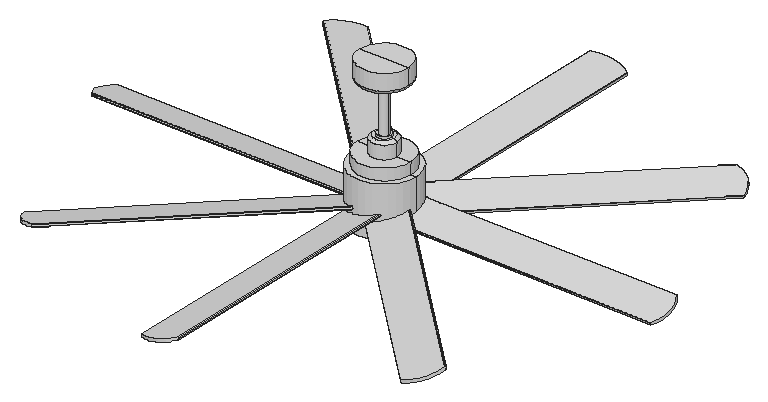
Revit family "3-100-xx - Cosmo (Ceiling Fan)", category Lighting Fixtures, host Ceiling, Revit 2018
Family settings
  Host = Ceiling
  Round Connector Dimension = Use Diameter
  Part Type = Normal
  OmniClass Number = 23.80.70.11
  OmniClass Title = Luminaries for Internal Lighting
  Always vertical = Yes
  Cut with Voids When Loaded = No
  Light Source = Yes
  Shared = No
  Room Calculation Point = No
Parameters (values of type "3-100-06 - Cosmo")
  Wattage Comments = ""
  URL = "www.oxygenlighting.com"
  Type Comments = "LED Lighting Fixture"
  Note [instance] = "4in - 6in - 12in - 18in or 24in Downrod"  # constant formula
  Model = "3-100-xx - Cosmo"  # constant formula
  Metal Finish = Oxygen Lighting - Metal Finish - 06 - White
  Manufacturer = "Oxygen Lighting"
  Light Source Symbol Size = 24.00"
  Keynote = "LED array lamp"
  Input Voltage = "120 V 50/60 Hz"  # constant formula
  Wattage = 9.19258 W
  built-in parameter 1150110 = 1 (stored number, unit not read)
  built-in parameter 1114217 = 1 (stored number, unit not read)
  built-in parameter 1150109 = 1 (stored number, unit not read)
  built-in parameter 1150134 = (empty or 0)
  built-in parameter 1150113 = 1 (stored number, unit not read)
  Lumens = 1200 lm
  built-in parameter 1150115 = 1 (stored number, unit not read)
  built-in parameter 1150105 = 381.97 (stored number, unit not read)
  built-in parameter 1150137 = (empty or 0)
  built-in parameter 1150139 = (empty or 0)
  built-in parameter 1150112 = 1 (stored number, unit not read)
  built-in parameter 1150114 = 1 (stored number, unit not read)
  Lamp = "LED Array"  # constant formula
  built-in parameter 1150132 = 2
  built-in parameter 1150102 = (empty or 0)
  built-in parameter 1150138 = (empty or 0)
  built-in parameter 1150107 = 3000 (stored number, unit not read)
  built-in parameter 1150106 = 3.8197 (stored number, unit not read)
  Emit from Circle Diameter = 8.00"
  Emit Shape Visible in Rendering = no
  built-in parameter 1150104 = 12.128 (stored number, unit not read)
  Downrod Lenght [instance] = 6.00"
  Dimming Lamp Color Temperature Shift = <None>
  Diffuser = Oxygen Lighting - Diffuser - Matte White Acrylic
  Description = "--"
  Cost = 0
  Color Filter = 16777215
  built-in parameter 1114218 = 1 (stored number, unit not read)
  built-in parameter 1150133 = 10 (stored number, unit not read)
  Assembly Code = "--"
Types (9): name | Metal Finish | Wattage | Lumens | built-in parameter 1150105 | built-in parameter 1150106 | Diffuser
  (no name) | Oxygen Lighting - Metal Finish - 06 - White | 9.19258 W | 1200 lm | 381.97 (stored number, unit not read) | 3.8197 (stored number, unit not read) | Oxygen Lighting - Diffuser - Matte White Acrylic
  3-100-20 - Cosmo | Oxygen Lighting - Metal Finish - 20 - Polished Nickel | 9.19258 W | 1200 lm | 381.97 (stored number, unit not read) | 3.8197 (stored number, unit not read) | Oxygen Lighting - Diffuser - Matte White Acrylic
  3-100-22 - Cosmo | Oxygen Lighting - Metal Finish - 22 - Oiled Bronze | 9.19258 W | 1200 lm | 381.97 (stored number, unit not read) | 3.8197 (stored number, unit not read) | Oxygen Lighting - Diffuser - Matte White Acrylic
  3-100-24 - Cosmo | Oxygen Lighting - Metal Finish - 24 - Satin Nickel | 9.19258 W | 1200 lm | 381.97 (stored number, unit not read) | 3.8197 (stored number, unit not read) | Oxygen Lighting - Diffuser - Matte White Acrylic
  3-100-06 - Cosmo | Oxygen Lighting - Metal Finish - 06 - White | 9.19258 W | 1200 lm | 381.97 (stored number, unit not read) | 3.8197 (stored number, unit not read) | Oxygen Lighting - Diffuser - Matte White Acrylic
  3-100-06 - Cosmo (Without light kit) | Oxygen Lighting - Metal Finish - 06 - White | 0 W | 0 lm | (empty or 0) | (empty or 0) | Oxygen Lighting - Metal Finish - 06 - White
  3-100-20 - Cosmo (Without light kit) | Oxygen Lighting - Metal Finish - 20 - Polished Nickel | 0 W | 0 lm | (empty or 0) | (empty or 0) | Oxygen Lighting - Metal Finish - 20 - Polished Nickel
  3-100-22 - Cosmo (Without light kit) | Oxygen Lighting - Metal Finish - 22 - Oiled Bronze | 0 W | 0 lm | (empty or 0) | (empty or 0) | Oxygen Lighting - Metal Finish - 22 - Oiled Bronze
  3-100-24 - Cosmo (Without light kit) | Oxygen Lighting - Metal Finish - 24 - Satin Nickel | 9.19258 W | 1200 lm | 381.97 (stored number, unit not read) | 3.8197 (stored number, unit not read) | Oxygen Lighting - Metal Finish - 24 - Satin Nickel
Reference planes (in)
  plane 1 "Light Source Axis (F/B)": y = 0
  plane 2 "Ceiling": z = 96
  plane 3 "Light Source Axis (L/R)": x = 0
  plane 4 "Light Source Elevation": z = 77.79528
  plane 5: z = 93.79528
  plane 6: z = 87.79528
Forms (in)
  Revolve 1, solid, material "Oxygen Lighting - Metal Finish - 06 - White" <- "Metal Finish"
    sketch origin (0, 0, 0) x (1, 0, 0) y (0, 0, 1)
      loop
        line (-2.99213, 96) -> (-2.99213, 94.04528)
        arc (-2.99213, 94.04528) -> (-2.9189, 93.8685) -> (-2.74213, 93.79528) r 0.25
        line (-2.74213, 93.79528) -> (-1.33858, 93.79528) -> (-1.33858, 93.69122)
        arc (-1.33858, 93.69122) -> (-1.31717, 93.63952) -> (-1.26547, 93.61811) r 0.07311
        line (-1.26547, 93.61811) -> (0, 93.61811) -> (0, 96) -> (-2.99213, 96)
      axis (0, 96) -> (0, 93.61811)
    angle from 0 to 360
  Revolve 2, solid, material "Oxygen Lighting - Metal Finish - 06 - White" <- "Metal Finish"
    sketch origin (0, 0, 0) x (1, 0, 0) y (0, 0, 1)
      loop
        line (-0.54113, 87.79528) -> (0, 87.79528) -> (0, 93.79528) -> (-0.54113, 93.79528) -> (-0.54113, 87.79528)
      axis (0, 93.79528) -> (0, 87.79528)
    angle from 0 to 360
Dimensions and locks (in)
  equal spacing: host sketch curve, plane 3 "Light Source Axis (L/R)", host sketch curve
  equal spacing: host sketch curve, plane 1 "Light Source Axis (F/B)", host sketch curve
  host sketch curve to host sketch curve = 120.00"  (x2)
  Revolve 1 sketch curve to Revolve 1 sketch curve = 2.99213"
  locked: plane 2 "Ceiling" to plane 5 at 2.20472
  "Downrod Lenght": plane 5 to plane 6
  locked: plane 4 "Light Source Elevation" to plane 6 at 10
  aligned and locked: plane 3 "Light Source Axis (L/R)" to imposter light
  aligned and locked: plane 1 "Light Source Axis (F/B)" to imposter light
  aligned and locked: plane 4 "Light Source Elevation" to imposter light
  aligned and locked: plane 5 to Revolve 1
  aligned and locked: plane 3 "Light Source Axis (L/R)" to Revolve 2 sketch curve
  aligned and locked: Revolve 2 sketch curve to Revolve 2 sketch curve
  aligned and locked: plane 5 to Revolve 2 sketch curve
  aligned and locked: Revolve 2 to plane 6
  aligned and locked: nested 1 to plane 6
Automatic sketch dimensions
  Revolve 2 sketch curve to plane 6 = 0.00"
  Revolve 2 sketch curve to Revolve 2 sketch curve = 0.54113"
  Revolve 2 sketch curve to plane 6 = 8.00"
  Revolve 2 sketch curve to plane 5 = 0.75"
  Revolve 1 sketch curve to plane 2 "Ceiling" = 0.00"
  Revolve 1 sketch curve to plane 5 = 0.00"
  Revolve 1 sketch curve to plane 3 "Light Source Axis (L/R)" = 0.00"  (x2)
  Revolve 1 sketch curve to Revolve 1 sketch curve = 0.25"
  Revolve 1 sketch curve to plane 3 "Light Source Axis (L/R)" = 1.33858"
  Revolve 1 sketch curve to Revolve 1 sketch curve = 0.07311"
  Revolve 1 sketch curve to plane 5 = 0.10405"
  Revolve 1 sketch curve to Revolve 1 sketch curve = 3.61811"
  plane 2 "Ceiling" to Revolve 1 sketch curve = 2.75"
Nested families (in)
  nested 1: "Body Cosmo" at (0, 0, 4), type "Body Cosmo"
Definition of nested family "Body Cosmo"
  Parameters (values of type "Body Cosmo")
    Metal Finish = none
    Diffuser = none
  Reference planes (in)
    plane 1 "Center (Front/Back)": y = 0
    plane 2: z = 0
    plane 3 "Center (Left/Right)": x = 0
  Forms (in)
    Revolve 1, solid, material <- "Metal Finish"
      sketch origin (0, 0, 4.26795) x (1, 0, 0) y (0, 0, 1)
        loop
          line (0, 79.52732) -> (-0.8248, 79.52732) -> (-0.8248, 79.37758) -> (-1.2461, 79.37758) -> (-1.5748, 79.04888) -> (-1.5748, 77.48782) -> (-3.26772, 77.48782) -> (-3.26772, 76.10986) -> (-3.93701, 76.10986) -> (-3.93701, 70.0075) -> (0, 70.0075) -> (0, 79.52732)
        axis (0, 79.52732) -> (0, 70.0075)
      angle from 0 to 360
    Revolve 2, void
      sketch origin (-0.14794, 0, 2.17944) x (1, 0, 0) y (0, 0, 1)
        loop
          line (0.14794, 72.72048) -> (-2.60206, 72.72048) -> (-2.60206, 71.22997) -> (0.14794, 71.22997) -> (0.14794, 72.72048)
        axis (0.14794, 72.72048) -> (0.14794, 71.22997)
      angle from 0 to 360
    Revolve 3, solid, material <- "Diffuser"
      sketch origin (0, 0, 0) x (1, 0, 0) y (0, 0, 1)
        loop
          line (0, 74.36857) -> (-3.25, 74.36857) -> (-3.25, 74.20754)
          arc (-3.25, 74.20754) -> (-3.19152, 74.06635) -> (-3.05032, 74.00786) r 0.19968
          line (-3.05032, 74.00786) -> (0, 74.00786) -> (0, 74.36857)
        axis (0, 74.36857) -> (0, 74.00786)
      angle from 0 to 360
    Extrusion 4, solid, material <- "Metal Finish"
      sketch origin (0.17905, 0, 76.21815) x (-0.970296, 0, 0.241922) y (0, -1, 0)
        loop
          line (2.42192, -3.13274) -> (-2.06627, -3.13274) -> (-2.06627, -34.3575)
          arc (-2.06627, -34.3575) -> (0.21618, -34.99413) -> (2.42192, -34.12832) r 3.73231
          line (2.42192, -34.12832) -> (2.42192, -3.13274)
      from 0 to 0.31641
    Extrusion 5, void
      sketch origin (0, 0, 75.5) x (1, 0, 0) y (0, 0, 1)
        loop
          line (-2.13906, 1.5395) -> (-1.94672, 1.63332) -> (-2.10578, 1.67298) -> (-2.13906, 1.5395)
        loop
          line (2.26635, 0.44111) -> (2.29963, 0.57458) -> (2.14056, 0.61424) -> (2.26635, 0.44111)
        loop
          line (-2.17678, 1.38823) -> (-2.21006, 1.25475) -> (-2.05099, 1.21509) -> (-2.17678, 1.38823)
        loop
          line (2.22864, 0.28983) -> (2.03629, 0.19602) -> (2.19536, 0.15636) -> (2.22864, 0.28983)
      from -35.99284 to -3.13274
    Extrusion 6, solid, material <- "Metal Finish"
      sketch origin (0.12661, -0.12661, 76.21815) x (-0.686103, 0.686103, 0.241922) y (-0.707107, -0.707107, 0)
        loop
          line (2.42192, -3.13274) -> (-2.06627, -3.13274) -> (-2.06627, -34.3575)
          arc (-2.06627, -34.3575) -> (0.21618, -34.99413) -> (2.42192, -34.12832) r 3.73231
          line (2.42192, -34.12832) -> (2.42192, -3.13274)
      from 0 to 0.31641
    Extrusion 7, void
      sketch origin (0, 0, 75.5) x (0.707107, -0.707107, 0) y (0, 0, 1)
        loop
          line (-2.13906, 1.5395) -> (-1.94672, 1.63332) -> (-2.10578, 1.67298) -> (-2.13906, 1.5395)
        loop
          line (2.26635, 0.44111) -> (2.29963, 0.57458) -> (2.14056, 0.61424) -> (2.26635, 0.44111)
        loop
          line (-2.17678, 1.38823) -> (-2.21006, 1.25475) -> (-2.05099, 1.21509) -> (-2.17678, 1.38823)
        loop
          line (2.22864, 0.28983) -> (2.03629, 0.19602) -> (2.19536, 0.15636) -> (2.22864, 0.28983)
      from -35.99284 to -3.13274
    Extrusion 8, solid, material <- "Metal Finish"
      sketch origin (0.12661, 0.12661, 76.21815) x (-0.686103, -0.686103, 0.241922) y (0.707107, -0.707107, 0)
        loop
          line (2.42192, -3.13274) -> (-2.06627, -3.13274) -> (-2.06627, -34.3575)
          arc (-2.06627, -34.3575) -> (0.21618, -34.99413) -> (2.42192, -34.12832) r 3.73231
          line (2.42192, -34.12832) -> (2.42192, -3.13274)
      from 0 to 0.31641
    Extrusion 9, void
      sketch origin (0, 0, 75.5) x (0.707107, 0.707107, 0) y (0, 0, 1)
        loop
          line (-2.13906, 1.5395) -> (-1.94672, 1.63332) -> (-2.10578, 1.67298) -> (-2.13906, 1.5395)
        loop
          line (2.26635, 0.44111) -> (2.29963, 0.57458) -> (2.14056, 0.61424) -> (2.26635, 0.44111)
        loop
          line (-2.17678, 1.38823) -> (-2.21006, 1.25475) -> (-2.05099, 1.21509) -> (-2.17678, 1.38823)
        loop
          line (2.22864, 0.28983) -> (2.03629, 0.19602) -> (2.19536, 0.15636) -> (2.22864, 0.28983)
      from -35.99284 to -3.13274
    Extrusion 10, solid, material <- "Metal Finish"
      sketch origin (0, 0.17905, 76.21815) x (0, -0.970296, 0.241922) y (1, 0, 0)
        loop
          line (2.42192, -3.13274) -> (-2.06627, -3.13274) -> (-2.06627, -34.3575)
          arc (-2.06627, -34.3575) -> (0.21618, -34.99413) -> (2.42192, -34.12832) r 3.73231
          line (2.42192, -34.12832) -> (2.42192, -3.13274)
      from 0 to 0.31641
    Extrusion 11, void
      sketch origin (0, 0, 75.5) x (0, 1, 0) y (0, 0, 1)
        loop
          line (-2.13906, 1.5395) -> (-1.94672, 1.63332) -> (-2.10578, 1.67298) -> (-2.13906, 1.5395)
        loop
          line (2.26635, 0.44111) -> (2.29963, 0.57458) -> (2.14056, 0.61424) -> (2.26635, 0.44111)
        loop
          line (-2.17678, 1.38823) -> (-2.21006, 1.25475) -> (-2.05099, 1.21509) -> (-2.17678, 1.38823)
        loop
          line (2.22864, 0.28983) -> (2.03629, 0.19602) -> (2.19536, 0.15636) -> (2.22864, 0.28983)
      from -35.99284 to -3.13274
    Extrusion 12, solid, material <- "Metal Finish"
      sketch origin (-0.12661, 0.12661, 76.21815) x (0.686103, -0.686103, 0.241922) y (0.707107, 0.707107, 0)
        loop
          line (2.42192, -3.13274) -> (-2.06627, -3.13274) -> (-2.06627, -34.3575)
          arc (-2.06627, -34.3575) -> (0.21618, -34.99413) -> (2.42192, -34.12832) r 3.73231
          line (2.42192, -34.12832) -> (2.42192, -3.13274)
      from 0 to 0.31641
    Extrusion 13, void
      sketch origin (0, 0, 75.5) x (-0.707107, 0.707107, 0) y (0, 0, 1)
        loop
          line (-2.13906, 1.5395) -> (-1.94672, 1.63332) -> (-2.10578, 1.67298) -> (-2.13906, 1.5395)
        loop
          line (2.26635, 0.44111) -> (2.29963, 0.57458) -> (2.14056, 0.61424) -> (2.26635, 0.44111)
        loop
          line (-2.17678, 1.38823) -> (-2.21006, 1.25475) -> (-2.05099, 1.21509) -> (-2.17678, 1.38823)
        loop
          line (2.22864, 0.28983) -> (2.03629, 0.19602) -> (2.19536, 0.15636) -> (2.22864, 0.28983)
      from -35.99284 to -3.13274
    Extrusion 14, solid, material <- "Metal Finish"
      sketch origin (-0.17905, 0, 76.21815) x (0.970296, 0, 0.241922) y (0, 1, 0)
        loop
          line (2.42192, -3.13274) -> (-2.06627, -3.13274) -> (-2.06627, -34.3575)
          arc (-2.06627, -34.3575) -> (0.21618, -34.99413) -> (2.42192, -34.12832) r 3.73231
          line (2.42192, -34.12832) -> (2.42192, -3.13274)
      from 0 to 0.31641
    Extrusion 15, void
      sketch origin (0, 0, 75.5) x (-1, 0, 0) y (0, 0, 1)
        loop
          line (-2.13906, 1.5395) -> (-1.94672, 1.63332) -> (-2.10578, 1.67298) -> (-2.13906, 1.5395)
        loop
          line (2.26635, 0.44111) -> (2.29963, 0.57458) -> (2.14056, 0.61424) -> (2.26635, 0.44111)
        loop
          line (-2.17678, 1.38823) -> (-2.21006, 1.25475) -> (-2.05099, 1.21509) -> (-2.17678, 1.38823)
        loop
          line (2.22864, 0.28983) -> (2.03629, 0.19602) -> (2.19536, 0.15636) -> (2.22864, 0.28983)
      from -35.99284 to -3.13274
    Extrusion 16, solid, material <- "Metal Finish"
      sketch origin (-0.12661, -0.12661, 76.21815) x (0.686103, 0.686103, 0.241922) y (-0.707107, 0.707107, 0)
        loop
          line (2.42192, -3.13274) -> (-2.06627, -3.13274) -> (-2.06627, -34.3575)
          arc (-2.06627, -34.3575) -> (0.21618, -34.99413) -> (2.42192, -34.12832) r 3.73231
          line (2.42192, -34.12832) -> (2.42192, -3.13274)
      from 0 to 0.31641
    Extrusion 17, void
      sketch origin (0, 0, 75.5) x (-0.707107, -0.707107, 0) y (0, 0, 1)
        loop
          line (-2.13906, 1.5395) -> (-1.94672, 1.63332) -> (-2.10578, 1.67298) -> (-2.13906, 1.5395)
        loop
          line (2.26635, 0.44111) -> (2.29963, 0.57458) -> (2.14056, 0.61424) -> (2.26635, 0.44111)
        loop
          line (-2.17678, 1.38823) -> (-2.21006, 1.25475) -> (-2.05099, 1.21509) -> (-2.17678, 1.38823)
        loop
          line (2.22864, 0.28983) -> (2.03629, 0.19602) -> (2.19536, 0.15636) -> (2.22864, 0.28983)
      from -35.99284 to -3.13274
    Extrusion 18, solid, material <- "Metal Finish"
      sketch origin (0, -0.17905, 76.21815) x (0, 0.970296, 0.241922) y (-1, 0, 0)
        loop
          line (2.42192, -3.13274) -> (-2.06627, -3.13274) -> (-2.06627, -34.3575)
          arc (-2.06627, -34.3575) -> (0.21618, -34.99413) -> (2.42192, -34.12832) r 3.73231
          line (2.42192, -34.12832) -> (2.42192, -3.13274)
      from 0 to 0.31641
    Extrusion 19, void
      sketch origin (0, 0, 75.5) x (0, -1, 0) y (0, 0, 1)
        loop
          line (-2.13906, 1.5395) -> (-1.94672, 1.63332) -> (-2.10578, 1.67298) -> (-2.13906, 1.5395)
        loop
          line (2.26635, 0.44111) -> (2.29963, 0.57458) -> (2.14056, 0.61424) -> (2.26635, 0.44111)
        loop
          line (-2.17678, 1.38823) -> (-2.21006, 1.25475) -> (-2.05099, 1.21509) -> (-2.17678, 1.38823)
        loop
          line (2.22864, 0.28983) -> (2.03629, 0.19602) -> (2.19536, 0.15636) -> (2.22864, 0.28983)
      from -35.99284 to -3.13274
    Extrusion 20, solid
      sketch origin (0, 0, 0) x (1, 0, 0) y (0, 1, 0)
        loop
          line (-1.31177, -1.25) -> (1.31177, -1.25) -> (1.31177, 1.25) -> (-1.31177, 1.25) -> (-1.31177, -1.25)
      from 74.53566 to 74.74731
  Cuts and joins
    Revolve 2 cuts Revolve 1
    Extrusion 5 cuts Extrusion 4
    Extrusion 7 cuts Extrusion 6
    Extrusion 9 cuts Extrusion 8
    Extrusion 11 cuts Extrusion 10
    Extrusion 13 cuts Extrusion 12
    Extrusion 15 cuts Extrusion 14
    Extrusion 17 cuts Extrusion 16
    Extrusion 19 cuts Extrusion 18
    joined: Revolve 1, Extrusion 4, Extrusion 6, Extrusion 8, Extrusion 10, Extrusion 12, Extrusion 14, Extrusion 16, Extrusion 18
  Dimensions and locks (in)
    Revolve 1 sketch curve to Revolve 1 sketch curve = 1.5748"
    Revolve 1 sketch curve to Revolve 1 sketch curve = 3.93701"
    Revolve 1 sketch curve to Revolve 1 sketch curve = 0.66929"
    Revolve 1 sketch curve to Revolve 1 sketch curve = 1.69291"
    Revolve 1 sketch curve to Revolve 1 sketch curve = 6.10236"
    Extrusion 4 sketch curve to Extrusion 4 sketch curve = 4.48819"
    Extrusion 6 sketch curve to Extrusion 6 sketch curve = 4.48819"
    Extrusion 8 sketch curve to Extrusion 8 sketch curve = 4.48819"
    Extrusion 10 sketch curve to Extrusion 10 sketch curve = 4.48819"
    Extrusion 12 sketch curve to Extrusion 12 sketch curve = 4.48819"
    Extrusion 14 sketch curve to Extrusion 14 sketch curve = 4.48819"
    Extrusion 16 sketch curve to Extrusion 16 sketch curve = 4.48819"
    Extrusion 18 sketch curve to Extrusion 18 sketch curve = 4.48819"
    equal spacing: Extrusion 20 sketch curve, plane 3 "Center (Left/Right)", Extrusion 20 sketch curve
    equal spacing: Extrusion 20 sketch curve, plane 1 "Center (Front/Back)", Extrusion 20 sketch curve
    aligned and locked: plane 2 to level
